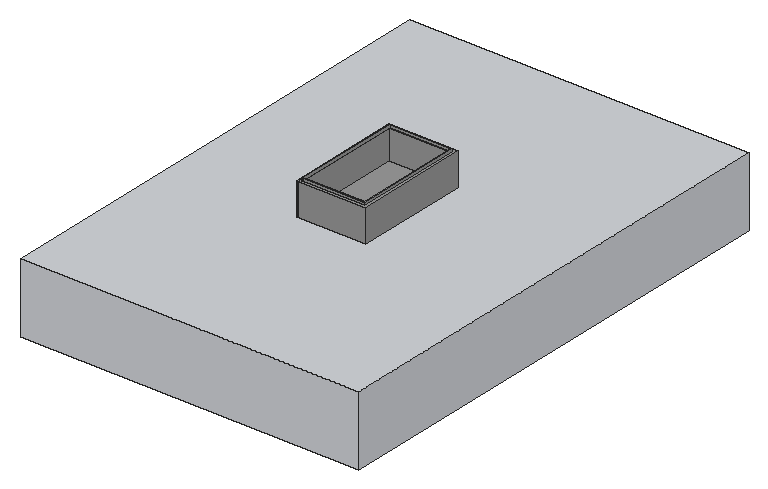
Revit family "Hager-Univers-IP30-D161-3rows-Cl.II-FWB_encl_empty-CH-it", category Equipement électrique, Revit 2020
Family settings
  Hôte = Face
  Configuration du panneau = Deux colonnes, circuits au sein
  Cote de connecteur circulaire = Utiliser le diamètre
  Type d'élément = Tableau de raccordement
  Couper avec des vides une fois chargée = Non
  Partagée = Non
  Point de calcul de pièce = Non
Parameters (values of type "A parete IP30 L300 A500 P161  - FWB31D1")
  Width Control [instance] = if([EF000008 - Larghezza] > Min Width, [EF000008 - Larghezza], Min Width)  # 300 mm
  Commentaires du type = [HG000003 - Gamma]  # "Univers"
  Thickness Door [instance] = if([EF009171 - spessore materiale porta/coperchio] > 3 mm, 3 mm, [EF009171 - spessore materiale porta/coperchio])  # 2 mm
  Seal Frame Offset [instance] = 17 mm  # constant formula
  Plinth Visibility [instance] = [HG000027 - Altezza dello zoccolo] > 0 mm  # no
  Model = ""
  Min Width [instance] = 100 mm  # constant formula
  Min Height [instance] = 100 mm  # constant formula
  Min Depth [instance] = (2 * [EF009170 - spessore materiale scatola]) + 1 mm  # 5 mm
  Internal Frame Depth [instance] = (Door System Depth * 0.5)  # 9 mm
  Height Control [instance] = if([EF000040 - Altezza] > Min Height, [EF000040 - Altezza], Min Height)  # 500 mm
  HG000027 - Altezza dello zoccolo = 0 mm
  HG000026 - A pavimento = no
  HG000024 - Altezza della sezione inferiore = 800 mm
  HG000023 - Custodia a doppia sezione = no
  HG000016 - Visibilità delle porte nella vista 3D [instance] = yes
  HG000015 - Visibilità attraverso la porta [instance] = no
  HG000014 - Porta destra [instance] = yes
  HG000013 - Porta sinistra [instance] = not([HG000014 - Porta destra])  # no
  HG000012 - Angolo di apertura della porta [instance] = 30.00°
  HG000010 - Porte asimmetriche = no
  HG000009 - Porta doppia a battente = no
  HG000006 - Ad incasso = no
  HG000004 - Codice produttore = "FWB31D1"
  HG000003 - Gamma = "Univers"
  HG000002 - Con porta = no
  Frame Offset Bottom [instance] = 10 mm  # constant formula
  Frame Offset [instance] = 15 mm  # constant formula
  EF015940 - Coprire con rilascio di sovrapressione = no
  EF011959 - tipo di protezione (NEMA) = ""
  EF009554 - numero delle aperture per la piastra della flangia = 2
  Fabricant = "Hager"  # constant formula
  EF009212 - esecuzione coperchio = "EV009916 - con taglio"
  EF009171 - spessore materiale porta/coperchio = 2 mm
  EF009170 - spessore materiale scatola = 2 mm
  EF008873 - corrente nominale (In) = 125 A
  EF007800 - adatto per parafulmine = no
  EF006306 - con serratura = no
  EF006244 - coperchio/porta trasparente = no
  EF005474 - grado di protezione (IP) = "EV006410 - IP30"
  EF004464 - tipo di porta = "EV000494 - senza"
  EF004427 - numero di moduli = 36
  EF004293 - resistenza agli urti = "EV006815 - IK09"
  EF003532 - adatto per uso esterno = no
  EF002950 - Numero moduli DIN = 12
  EF001613 - Integrità del circuito = "EV000494 - senza"
  EF001596 - Attacco Lampada = "EV000179 - acciaio"
  EF001131 - profondità interna = 156 mm
  EF001088 - possibilità di applicazione = yes
  EF000437 - numero di ingressi per conduttori = 4
  EF000339 - tipo di copertura = "EV000494 - senza"
  EF000266 - numero di file = 0
  EF000218 - profondità di incasso = 0 mm
  EF000118 - con piastra di montaggio = no
  EF000116 - numero RAL = "9010"
  EF000049 - profondità = 161 mm
  EF000040 - Altezza = 500 mm
  EF000008 - Larghezza = 300 mm
  EF000007 - colore = "EV000202 - bianco"
  EF000003 - Tipo di montaggio = "EV000384 - A parete"
  Door System Leaf Tolerance [instance] = 1.5 mm  # constant formula
  Door System Depth [instance] = 18 mm  # constant formula
  Door Height [instance] = Height Control - [HG000027 - Altezza dello zoccolo]  # 500 mm
  Depth Control [instance] = if([EF000049 - profondità] > Min Depth, [EF000049 - profondità], Min Depth)  # 161 mm
  Default Elevation = 0 mm
  Connector Offset [instance] = Height Control / 2  # 250 mm
  Bottom Top Plate Trim [instance] = 1.5 mm  # constant formula
  Plinth height Ctrl [instance] = if([HG000027 - Altezza dello zoccolo] > 0 mm, [HG000027 - Altezza dello zoccolo], 12 mm)  # 12 mm
Reference planes
  plane 1 "Center (Front/Back)": y = 0
  plane 2: z = 0
  plane 3 "Center (Left/Right)": x = 0
  plane 4: z = 161
  plane 5: y = 2
  plane 6: y = 250
  plane 7: y = 0
  plane 8: y = 500
  plane 9: z = 0
  plane 10: x = -135
  plane 11: x = 135
  plane 12: x = 133
  plane 13: x = -133
  plane 14: y = 498
  plane 15: x = -133
  plane 16: x = -150
  plane 17: x = 133
  plane 18: x = 150
  plane 19: x = 148
  plane 20: x = -148
  plane 21: y = 12
  plane 22: y = 500
  plane 23: y = 483
  plane 24: z = 143
  plane 25: z = 2
  plane 26: z = 141
  plane 27: z = 159
Forms (mm)
  Extrusion 1, solid
    sketch origin (0, 0, 0) x (1, 0, 0) y (0, 1, 0)
      loop
        line (-702.964, 1305) -> (-702.964, -811.445) -> (766.763, -811.445) -> (766.763, 1305) -> (-702.964, 1305)
    from 0 to -304.8
  Extrusion 2, solid, material "Hager_Steel_RAL7035_Light_Grey", visible <- "Plinth Visibility", detail levels medium+fine
    sketch origin (0, 0, 0) x (1, 0, 0) y (0, 1, 0)
      loop
        line (-150, 0) -> (150, 0) -> (150, 12) -> (-150, 12) -> (-150, 0)
    from 0 to 143
  Extrusion 3, solid, material "Hager_Steel_RAL7035_Light_Grey", detail levels medium+fine
    sketch origin (0, 0, 0) x (1, 0, 0) y (0, 1, 0)
      loop
        line (-150, 0) -> (150, 0) -> (150, 500) -> (-150, 500) -> (-150, 0)
    from 0 to 143
  Extrusion 4, void
    sketch origin (0, 0, 0) x (1, 0, 0) y (0, 1, 0)
      loop
        line (-148, 2) -> (148, 2) -> (148, 498) -> (-148, 498) -> (-148, 2)
    from 2 to 141
  Extrusion 5, void
    sketch origin (-381.607, -4572, 143) x (0, -1, 0) y (-1, 0, 0)
      loop
        line (-4584, -248.607) -> (-5055, -248.607) -> (-5055, -514.607) -> (-4584, -514.607) -> (-4584, -248.607)
    from 0 to 2 <- "EF009170 - spessore materiale scatola"
  Extrusion 6, solid, material "Hager_Steel_RAL7035_Light_Grey", detail levels fine
    sketch origin (0, 0, 143) x (1, 0, 0) y (0, 1, 0)
      loop
        line (-133, 483) -> (-133, 12) -> (133, 12) -> (133, 483) -> (-133, 483)
      loop
        line (-135, 10) -> (135, 10) -> (135, 485) -> (-135, 485) -> (-135, 10)
    from 0 to 9 <- "Internal Frame Depth"
  Extrusion 7, solid, material "Hager_Steel_RAL7035_Light_Grey", detail levels coarse
    sketch origin (0, 0, 0) x (1, 0, 0) y (0, 1, 0)
      loop
        line (-150, 0) -> (150, 0) -> (150, 500) -> (-150, 500) -> (-150, 0)
    from 0 to 161
  Sweep 8, void
    path in 3D
      loop
        line (-150, 12, 0) -> (150, 12, 0) -> (150, 12, 143) -> (-150, 12, 143) -> (-150, 12, 0)
    profile origin (-150, 12, 71.5) x (-1, 0, 0) y (0, -1, 0)
      loop
        line (0, 0) -> (0, 1.5) -> (-1.5, 1.5)
        arc (-1.5, 1.5) -> (-1.061, 0.439) -> (0, 0) r 1.5
Cuts and joins
  Extrusion 4, Extrusion 5 cuts Extrusion 3
  Sweep 8 cuts Extrusion 2
Lines and regions (mm)
  Masking region 1
    outline origin (0, 0, 0) x (1, 0, 0) y (0, 0, 1)
      loop
        line (-150, 161) -> (-150, 0) -> (150, 0) -> (150, 161) -> (-150, 161)
  Masking region 2, detail levels medium+fine
    outline origin (0, 140, 0) x (0, 1, 0) y (0, 0, 1)
      loop
        line (-140, 0) -> (360, 0) -> (360, 143) -> (-140, 143) -> (-140, 0)
  Masking region 3, not visible, detail levels medium+fine
    outline origin (0, 297.922, 0) x (0, 1, 0) y (0, 0, 1)
      loop
        line (-36.422, 0) -> (3.578, 0) -> (3.578, 149)
        arc (3.578, 149) -> (0.649, 156.071) -> (-6.422, 159) r 10
        line (-6.422, 159) -> (-36.422, 159) -> (-36.422, 0)
  Masking region 4, detail levels coarse
    outline origin (0, 0, 180) x (0, 1, 0) y (0, 0, 1)
      loop
        line (0, -180) -> (500, -180) -> (500, -19) -> (0, -19) -> (0, -180)
  Masking region 5, visible <- "Plinth Visibility", detail levels medium+fine
    outline origin (0, 52.24, 12.345) x (0, 0, -1) y (0, 1, 0)
      loop
        line (10.845, -40.24) -> (-129.155, -40.24)
        arc (-129.155, -40.24) -> (-129.594, -41.301) -> (-130.655, -41.74) r 1.5
        line (-130.655, -41.74) -> (-130.655, -52.24) -> (12.345, -52.24) -> (12.345, -41.74)
        arc (12.345, -41.74) -> (11.285, -41.301) -> (10.845, -40.24) r 1.5
  Masking region 6, detail levels medium+fine
    outline origin (-381.607, -4572, 143) x (-1, 0, 0) y (0, -1, 0)
      loop
        line (-231.607, -5072) -> (-231.607, -4572) -> (-531.607, -4572) -> (-531.607, -5072) -> (-231.607, -5072)
  Masking region 7, visible <- "Plinth Visibility", detail levels medium+fine
    outline origin (-381.607, -4727, 143) x (-1, 0, 0) y (0, -1, 0)
      loop
        arc (-233.107, -4739) -> (-232.668, -4737.939) -> (-231.607, -4737.5) r 1.5
        line (-231.607, -4737.5) -> (-231.607, -4727) -> (-531.607, -4727) -> (-531.607, -4737.5)
        arc (-531.607, -4737.5) -> (-530.546, -4737.939) -> (-530.107, -4739) r 1.5
        line (-530.107, -4739) -> (-233.107, -4739)
  Masking region 8, detail levels coarse
    outline origin (-442.548, -4669.526, 143) x (-1, 0, 0) y (0, -1, 0)
      loop
        line (-292.548, -5169.526) -> (-292.548, -4669.526) -> (-592.548, -4669.526) -> (-592.548, -5169.526) -> (-292.548, -5169.526)
  sketch lines
    curve 1: line (-150, 12, 143) -> (-150, 12, 0)
    curve 2: line (150, 12, 143) -> (-150, 12, 143)
    curve 3: line (150, 12, 143) -> (150, 12, 0)
    curve 4: line (-150, 12, 0) -> (150, 12, 0)
Dimensions and locks
  "Depth Control": plane 4 to Extrusion 1
  "HG000027 - Altezza dello zoccolo": plane 1 "Center (Front/Back)" to plane 7
  "EF009170 - spessore materiale scatola": plane 5 to plane 7
  locked: connector elem to plane 3 "Center (Left/Right)"
  equal spacing: plane 8, plane 6, plane 7
  locked: connector elem to plane 6
  "EF009170 - spessore materiale scatola": plane 8 to plane 14
  "EF009170 - spessore materiale scatola": plane 10 to plane 13
  "EF009170 - spessore materiale scatola": plane 12 to plane 11
  "Frame Offset": plane 20 to plane 13
  "Frame Offset": plane 12 to plane 19
  "EF009170 - spessore materiale scatola": plane 16 to plane 20
  "EF009170 - spessore materiale scatola": plane 19 to plane 18
  "Seal Frame Offset": plane 16 to plane 15
  "Seal Frame Offset": plane 17 to plane 18
  "Frame Offset Bottom": plane 21 to plane 5
  "Frame Offset": plane 14 to plane 23
  equal spacing: plane 16, plane 3 "Center (Left/Right)", plane 18
  "Width Control": plane 16 to plane 18
  "EF009170 - spessore materiale scatola": plane 4 to plane 27
  "EF009170 - spessore materiale scatola": plane 24 to plane 26
  "EF009170 - spessore materiale scatola": plane 25 to level
  "Door System Depth": plane 4 to plane 24
  "Height Control": plane 1 "Center (Front/Back)" to Extrusion 7 sketch curve
  "Height Control": Masking region 4 sketch curve to plane 1 "Center (Front/Back)"
  "Height Control": plane 1 "Center (Front/Back)" to plane 22
  "Bottom Top Plate Trim": profile plane to Sweep 8 sketch curve
  "Bottom Top Plate Trim": Sweep 8 sketch curve to profile plane
  "Plinth height Ctrl": plane 1 "Center (Front/Back)" to Extrusion 2 sketch curve
  "Plinth height Ctrl": Masking region 5 sketch curve to plane 1 "Center (Front/Back)"
  "Plinth height Ctrl": plane 1 "Center (Front/Back)" to Masking region 7 sketch curve
  "Thickness Door": Extrusion 6 sketch curve to Extrusion 6 sketch curve  (x3)
  "Thickness Door": cut or joined group of Extrusion 3, Extrusion 4, Extrusion 5 to Extrusion 6 sketch curve
  radius of Masking region 3 sketch curve = 10 mm
  "Bottom Top Plate Trim": radius of Masking region 5 sketch curve  (x2)
  "Bottom Top Plate Trim": radius of Sweep 8 sketch curve
  "Bottom Top Plate Trim": radius of Masking region 7 sketch curve  (x2)
  aligned and locked: plane 2 to Extrusion 1
  aligned and locked: level to Extrusion 1
  aligned and locked: level to Masking region 1 sketch curve
  aligned and locked: Masking region 1 sketch curve to plane 18
  aligned and locked: Masking region 1 sketch curve to plane 16
  aligned and locked: plane 7 to Masking region 2 sketch curve
  aligned and locked: level to Masking region 3 sketch curve
  aligned and locked: Masking region 3 sketch curve to plane 27
  aligned and locked: level to Masking region 2 sketch curve
  aligned and locked: plane 1 "Center (Front/Back)" to Extrusion 2 sketch curve
  aligned and locked: Extrusion 3 sketch curve to plane 7
  aligned and locked: plane 16 to Extrusion 3 sketch curve
  aligned and locked: plane 18 to Extrusion 3 sketch curve
  aligned and locked: plane 20 to Extrusion 4 sketch curve
  aligned and locked: plane 19 to Extrusion 4 sketch curve
  aligned and locked: Extrusion 4 sketch curve to plane 5
  aligned and locked: Extrusion 4 to plane 25
  aligned and locked: plane 26 to Extrusion 4
  aligned and locked: plane 24 to Extrusion 3
  aligned and locked: plane 21 to Extrusion 5 sketch curve
  aligned and locked: Extrusion 5 sketch curve to plane 13
  aligned and locked: Extrusion 5 sketch curve to plane 12
  aligned and locked: plane 18 to Extrusion 7 sketch curve
  aligned and locked: plane 1 "Center (Front/Back)" to Extrusion 7 sketch curve
  aligned and locked: plane 16 to Extrusion 7 sketch curve
  aligned and locked: plane 4 to Extrusion 7
  aligned and locked: Extrusion 7 to level
  aligned and locked: level to Masking region 4 sketch curve
  aligned and locked: Masking region 4 sketch curve to plane 1 "Center (Front/Back)"
  aligned and locked: Masking region 4 sketch curve to plane 4
  aligned and locked: nested 1 to level
  aligned and locked: nested 1 to plane 16
  aligned and locked: plane 8 to Extrusion 3 sketch curve
  aligned and locked: plane 23 to Extrusion 5 sketch curve
  aligned and locked: plane 14 to Extrusion 4 sketch curve
  aligned and locked: Masking region 2 sketch curve to plane 8
  aligned and locked: level to Masking region 5 sketch curve
  aligned and locked: plane 16 to Extrusion 2 sketch curve
  aligned and locked: plane 18 to Extrusion 2 sketch curve
  aligned and locked: Masking region 5 sketch curve to plane 24
  aligned and locked: Masking region 2 sketch curve to plane 24
  aligned and locked: plane 24 to Extrusion 2
  aligned and locked: profile plane to Sweep 8 sketch curve  (x2)
  aligned and locked: Masking region 6 sketch curve to plane 18
  aligned and locked: Masking region 6 sketch curve to plane 22
  aligned and locked: Masking region 6 sketch curve to plane 16
  aligned and locked: plane 8 to plane 22
  aligned and locked: plane 7 to Masking region 6 sketch curve
  aligned and locked: Masking region 7 sketch curve to plane 16
  aligned and locked: Masking region 7 sketch curve to plane 1 "Center (Front/Back)"
  aligned and locked: Masking region 7 sketch curve to plane 18
  aligned and locked: Masking region 8 sketch curve to plane 1 "Center (Front/Back)"
  aligned and locked: Masking region 8 sketch curve to plane 18
  aligned and locked: Masking region 8 sketch curve to plane 22
  aligned and locked: Masking region 8 sketch curve to plane 16
  aligned and locked: nested 2 to plane 7
  aligned and locked: plane 3 "Center (Left/Right)" to nested 2
  aligned and locked: plane 24 to nested 2
  aligned and locked: Extrusion 6 sketch curve to cut or joined group of Extrusion 3, Extrusion 4, Extrusion 5  (x4)
Automatic sketch dimensions
  Extrusion 1 sketch curve to Extrusion 1 sketch curve = 1469.727 mm
  Extrusion 1 sketch curve to Extrusion 1 sketch curve = 2116.445 mm
  Masking region 1 sketch curve to plane 4 = 0 mm
  plane 6 to Masking region 3 sketch curve = 11.5 mm
  Masking region 3 sketch curve to Masking region 3 sketch curve = 30 mm
  Masking region 5 sketch curve to plane 1 "Center (Front/Back)" = 0 mm
Nested families
  nested 1: "Hager_Enclosure_Symbol" at (-150, 0, 0) x (1, 0, 0) z (0, -1, 0), Height <- "Depth Control", Width <- "Width Control", type "Hager_Enclosure_Symbol"
    with Width_Ctrl 300 mm, Width 300 mm, Height_Ctrl 161 mm, Height 161 mm, A_Width_Int 10.566 mm, A_Width 126.788 mm, A_Height_Ctrl 140.875 mm, A_Height 140.875 mm
  nested 2: "EC000058_Univers_Door" at (0, 0, 143) x (1, 0, 0) z (0, 1, 0), Leaf_Tolerance <- "Door System Leaf Tolerance", Angle <- "HG000012 - Angolo di apertura della porta", Door_Depth <- "Door System Depth", Door_Left <- "HG000013 - Porta sinistra", Transparent <- "EF006244 - coperchio/porta trasparente", Assymetrical <- "HG000010 - Porte asimmetriche", Width <- "Width Control", Clearance <- "HG000015 - Visibilità attraverso la porta", Double <- "HG000009 - Porta doppia a battente", 3d_Door <- "HG000016 - Visibilità delle porte nella vista 3D", Lock_Visibility <- "EF006306 - con serratura", Width_Ctrl <- "Width Control", Door_Right <- "HG000014 - Porta destra", Door <- "HG000002 - Con porta", Height <- "Door Height", Thickness <- "Thickness Door", type "EC000058_Univers_Door", detail levels medium+fine
    with min_wh 5 mm, Width_Ctrl 300 mm, Width 300 mm, Transparent no, Thickness 2 mm, Seal_Material Hager_Rubber, Lock_Visibility no, Lock_Material Hager_Plastic_RAL9005_Jet_Black, Leaf_Width 300 mm, Leaf_Tolerance_External_Sides 0 mm, Leaf_Tolerance 1.5 mm, Leaf_Offset 0 mm, Leaf_Height 497 mm, Leaf_2_Width 300 mm, Leaf_2_Offset 150 mm, Leaf_1_Width 300 mm, Leaf_1_Offset 150 mm, Height_Ctrl 500 mm, Height 500 mm, Glass_Material Hager_Glass, Double_Clearance_Ctrl no, Double no, Door_Right_Ctrl no, Door_Right yes, Door_Material Hager_Steel_RAL7035_Light_Grey, Door_Left_Ctrl no, Door_Left no, Door_Depth 18 mm, Door no, Clearance_Material Hager_Clearance, Clearance_Depth 300 mm, Clearance_Ctrl no, Clearance no, Assymetrical no, Angle 30.00°, 3d_Door yes
Connectors
  electrical at (0, 250, 0)
    settings: on plane 9, index 1, voltage 0 V, apparent load 0 VA, apparent load phase1 0 VA, apparent load phase2 0 VA, apparent load phase3 0 VA, power factor 1, load classification "Other", number of poles 1, system type 30, power factor state 1, is connector primary yes, connector utility no, sub classification motor no, connector description ""
Definition of nested family "Hager_Enclosure_Symbol"
  Parameters (values of type "Hager_Enclosure_Symbol")
    Width_Ctrl [instance] = if(Width > 1 mm, Width, 1 mm)  # 102.27 mm
    Width [instance] = 102.27 mm
    Height_Ctrl [instance] = if(Height > 1 mm, Height, 1 mm)  # 66.5 mm
    A_Width_Int [instance] = if(A_Width / 12 > 2 mm, A_Width / 12, 2 mm)  # 4.364 mm
    A_Width [instance] = if(A_Height_Ctrl * 0.9 > 2 mm, A_Height_Ctrl * 0.9, 2 mm)  # 52.369 mm
    A_Height_Ctrl [instance] = if(A_Height > 2 mm, A_Height, 2 mm)  # 58.188 mm
    Height [instance] = 66.5 mm
    A_Height [instance] = Height - (Height / 8)  # 58.188 mm
  Reference planes
    plane 1 "Centre (avant/arrière)": y = 0
    plane 2: z = 0
    plane 3 "Centre (gauche/droite)": x = 0
    plane 4: x = 52.369
    plane 5: y = 33.042
    plane 6: y = 41.77
    plane 7: y = 66.5
    plane 8: x = 26.184
    plane 9: y = 37.406
    plane 10: x = 102.27
    plane 11: y = 66.5
    plane 12: y = 8.313
  Lines and regions (mm)
    Filled region 1, type "Solid_Black", in view "Niveau de réf."
      outline origin (0, 0, 0) x (1, 0, 0) y (0, 1, 0)
        loop
          line (52.369, 66.5) -> (33.188, 54.536) -> (45.365, 45.006) -> (52.369, 66.5)
    Filled region 2, type "Solid_Black", in view "Niveau de réf."
      outline origin (0, 0, 0) x (1, 0, 0) y (0, 1, 0)
        loop
          line (0, 0) -> (102.27, 0) -> (102.27, 66.5) -> (0, 0)
    detail lines, in view "Niveau de réf."
      curve 1: line (0, 8.313, 0) -> (26.184, 41.77, 0)
      curve 2: line (26.184, 41.77, 0) -> (26.184, 33.042, 0)
      curve 3: line (26.184, 33.042, 0) -> (52.369, 66.5, 0)
  Dimensions and locks
    "A_Width": plane 3 "Centre (gauche/droite)" to plane 4
    equal spacing: plane 3 "Centre (gauche/droite)", plane 8, plane 4
    equal spacing: plane 6, plane 9, plane 5
    equal spacing: curve 3, Filled region 1 sketch curve, Filled region 1 sketch curve
    "Height_Ctrl": plane 1 "Centre (avant/arrière)" to plane 11
    "A_Height_Ctrl": plane 11 to plane 12
    equal spacing: plane 11, plane 9, plane 12
    "A_Width_Int": plane 6 to plane 9
    "Width_Ctrl": plane 3 "Centre (gauche/droite)" to plane 10
    angle Filled region 1 sketch curve to curve 3 = 20.00°
    angle curve 3 to Filled region 1 sketch curve = 20.00°
    locked: curve 3 to Filled region 1 sketch curve (angle 90.00°)
    aligned and locked: plane 10 to Filled region 2
    aligned and locked: plane 11 to Filled region 2 sketch curve
    aligned and locked: plane 10 to Filled region 2 sketch curve
    aligned and locked: plane 3 "Centre (gauche/droite)" to curve 1
    aligned and locked: plane 12 to curve 1
    aligned and locked: plane 7 to plane 11
  Automatic sketch dimensions
    Filled region 1 sketch curve to plane 4 = 0 mm
    Filled region 1 sketch curve to plane 7 = 0 mm
    plane 1 "Centre (avant/arrière)" to Filled region 2 sketch curve = 0 mm
    Filled region 2 sketch curve to plane 3 "Centre (gauche/droite)" = 0 mm
    curve 2 to plane 6 = 0 mm
    curve 2 to plane 8 = 0 mm
    curve 3 to plane 4 = 0 mm
    curve 2 to plane 5 = 0 mm
    curve 3 to plane 7 = 0 mm
Definition of nested family "EC000058_Univers_Door"
  Parameters (values of type "EC000058_Univers_Door")
    min_wh [instance] = (2 * Thickness) + 1 mm  # 11 mm
    Width_Ctrl [instance] = 400 mm
    Width [instance] = 500 mm
    Transparent [instance] = yes
    Thickness [instance] = 5 mm
    Seal_Material [instance] = none
    Lock_Visibility [instance] = yes
    Lock_Material [instance] = none
    Leaf_Width [instance] = if((Width_Ctrl - 2 * Leaf_Tolerance_External_Sides) > 0 mm, (Width_Ctrl - 2 * Leaf_Tolerance_External_Sides), min_wh)  # 400 mm
    Leaf_Tolerance_External_Sides [instance] = 0 mm  # constant formula
    Leaf_Tolerance [instance] = 1.5 mm
    Leaf_Offset [instance] = 0 mm  # constant formula
    Leaf_Height [instance] = if((Height_Ctrl - 2 * Leaf_Tolerance) > 0 mm, (Height_Ctrl - 2 * Leaf_Tolerance), min_wh)  # 497 mm
    Leaf_2_Width [instance] = if(and(and(Double, Assymetrical), Door_Left), (Leaf_Width / 3) - (Leaf_Tolerance / 2), if(and(and(Double, Assymetrical), Door_Right), (Leaf_Width / 3) * 2 - (Leaf_Tolerance / 2), if(and(Double, not(Assymetrical)), (Leaf_Width / 2) - Leaf_Tolerance, Leaf_Width)))  # 400 mm
    Leaf_2_Offset [instance] = if(and(Double, Assymetrical), Leaf_2_Width / 2, if(and(Double, not(Assymetrical)), Leaf_Width / 4, Leaf_Width / 2))  # 200 mm
    Leaf_1_Width [instance] = if(and(and(Double, Assymetrical), Door_Right), (Leaf_Width / 3) - (Leaf_Tolerance / 2), if(and(and(Double, Assymetrical), Door_Left), (Width / 3) * 2 - (Leaf_Tolerance / 2), if(and(Double, not(Assymetrical)), (Leaf_Width / 2) - Leaf_Tolerance, Leaf_Width)))  # 400 mm
    Leaf_1_Offset [instance] = if(and(Double, Assymetrical), Leaf_1_Width / 2, if(and(Double, not(Assymetrical)), Leaf_Width / 4, Leaf_Width / 2))  # 200 mm
    Height_Ctrl [instance] = if(Height > min_wh, Height, min_wh)  # 500 mm
    Height [instance] = 500 mm
    Glass_Material [instance] = none
    Double_Clearance_Ctrl [instance] = and(Double, Clearance)  # no
    Double [instance] = no
    Door_Right_Ctrl [instance] = and(or(Door_Right, Double), Door)  # yes
    Door_Right [instance] = yes
    Door_Material [instance] = none
    Door_Left_Ctrl [instance] = and(or(Door_Left, Double), Door)  # no
    Door_Left [instance] = no
    Door_Depth [instance] = 30 mm
    Door [instance] = yes
    Default Elevation = 1219.2 mm
    Clearance_Material [instance] = none
    Clearance_Depth [instance] = if(Leaf_1_Width > Leaf_2_Width, Leaf_1_Width, Leaf_2_Width)  # 400 mm
    Clearance_Ctrl [instance] = and(not(Double), Clearance)  # yes
    Clearance [instance] = yes
    Assymetrical [instance] = yes
    Angle [instance] = 30.00°
    3d_Door [instance] = yes
  Reference planes
    plane 1 "Center (Front/Back)": y = 0
    plane 2 "Bottom": z = 0
    plane 3 "Center (Left/Right)": x = 0
    plane 4: z = 500
    plane 5: x = -200
    plane 6: x = 200
    plane 7: z = 500
    plane 8: x = -200
    plane 9: z = 0
    plane 10: x = 200
    plane 11: y = 0
    plane 12: z = 1.5
    plane 13: x = -600
    plane 14: y = -400
    plane 15: x = 600
    plane 16: x = 0
    plane 17: x = 0
    plane 18: x = -200
    plane 19: x = 200
    plane 20: z = 498.5
  Forms (mm)
    Extrusion 1, solid, material <- "Clearance_Material", visible <- "Double_Clearance_Ctrl"
      sketch origin (1200, 0, 0) x (1, 0, 0) y (0, 0, -1)
        loop
          line (-1800, -498.5) -> (-600, -498.5) -> (-600, 0) -> (-1800, 0) -> (-1800, -498.5)
      from 0 to -400
  Dimensions and locks
    equal spacing: plane 5, plane 3 "Center (Left/Right)", plane 6
    "Width_Ctrl": plane 5 to plane 6
    "Leaf_Offset": plane 5 to plane 8
    "Leaf_Offset": plane 6 to plane 10
    "Leaf_Offset": plane 9 to level
    "Leaf_Offset": plane 4 to plane 7
    "Height_Ctrl": plane 4 to level
    "Leaf_Tolerance": plane 12 to plane 9
    locked: plane 11 to plane 1 "Center (Front/Back)"
    "Leaf_1_Offset": plane 18 to plane 16
    "Leaf_2_Offset": plane 17 to plane 19
    "Leaf_1_Width": plane 13 to plane 8
    "Leaf_2_Width": plane 10 to plane 15
    "Clearance_Depth": plane 14 to plane 1 "Center (Front/Back)"
    "Leaf_Tolerance_External_Sides": plane 8 to plane 18
    "Leaf_Tolerance_External_Sides": plane 19 to plane 10
    "Leaf_Tolerance": plane 7 to plane 20
    aligned and locked: level to plane 2 "Bottom"
    aligned and locked: nested 1 to plane 16
    aligned and locked: nested 2 to plane 17
    aligned and locked: Extrusion 1 to plane 13
    aligned and locked: plane 15 to Extrusion 1
    aligned and locked: Extrusion 1 to plane 14
    aligned and locked: plane 12 to nested 1
    aligned and locked: nested 2 to plane 12
    aligned and locked: Extrusion 1 to plane 11
    aligned and locked: plane 20 to Extrusion 1
    aligned and locked: nested 2 to plane 11
    aligned and locked: nested 1 to plane 11
  Automatic sketch dimensions
    Extrusion 1 sketch curve to level = 0 mm
    plane 5 to Extrusion 1 sketch curve = 400 mm
    plane 6 to Extrusion 1 sketch curve = 400 mm
    Extrusion 1 sketch curve to plane 4 = 1.5 mm
  Nested families
    nested 1: "EC000058_Univers_Door_Leaf" at (0, 0, 1.5), Width <- "Leaf_1_Width", visible <- "Door_Left_Ctrl", Leaf_Height <- "Leaf_Height", Angle <- "Angle", 3d_Door <- "3d_Door", Transparent <- "Transparent", Clearance Material <- "Clearance_Material", Clearance <- "Clearance_Ctrl", Door_Material <- "Door_Material", Glass_Material <- "Glass_Material", Door_Depth <- "Door_Depth", Lock_Material <- "Lock_Material", Seal_Material <- "Seal_Material", Lock_Visibility <- "Lock_Visibility", Thickness <- "Thickness", type "EC000058_Univers_Door_Leaf"
      with Width 400 mm, Transparent_Glass_Offset 30 mm, Transparent_Ctrl yes, Transparent yes, Thickness 5 mm, Standard no, Seal_Material none, Seal_D2 8 mm, Seal_D1 1 mm, Offset_Internal_Frame 10 mm, Lock_Width 20 mm, Lock_Visibility_3d yes, Lock_Visibility yes, Lock_Thickness_3 3 mm, Lock_Thickness_2 1 mm, Lock_Thickness_1 3 mm, Lock_Radius_Offset_2 16 mm, Lock_Radius_Offset_1 15 mm, Lock_Radius_2 5 mm, Lock_Radius 6 mm, Lock_Offset 5 mm, Lock_Material none, Lock_Height 80 mm, Lock_Cover_Top_Offset_2d 17 mm, Lock_Cover_Height -65 mm, Leaf_Height 497 mm, Internal_Seal_Thickness 8 mm, Internal_Seal_Depth_2 4.5 mm, Internal_Frame_Depth 25 mm, Glass_Thickness -1 mm, Glass_Offset -2 mm, Glass_Material none, Door_Material none, Door_Depth 30 mm, Clearance Material none, Clearance yes, Angle_Ctrl 30.00°, Angle 30.00°, 3d_Door yes
    nested 2: "EC000058_Univers_Door_Leaf" at (0, 0, 1.5) x (-1, 0, 0) z (0, 0, 1), Width <- "Leaf_2_Width", visible <- "Door_Right_Ctrl", Leaf_Height <- "Leaf_Height", Angle <- "Angle", 3d_Door <- "3d_Door", Transparent <- "Transparent", Clearance Material <- "Clearance_Material", Clearance <- "Clearance_Ctrl", Door_Material <- "Door_Material", Glass_Material <- "Glass_Material", Door_Depth <- "Door_Depth", Lock_Material <- "Lock_Material", Seal_Material <- "Seal_Material", Lock_Visibility <- "Lock_Visibility", Thickness <- "Thickness", type "EC000058_Univers_Door_Leaf"
      with Width 400 mm, Transparent_Glass_Offset 30 mm, Transparent_Ctrl yes, Transparent yes, Thickness 5 mm, Standard no, Seal_Material none, Seal_D2 8 mm, Seal_D1 1 mm, Offset_Internal_Frame 10 mm, Lock_Width 20 mm, Lock_Visibility_3d yes, Lock_Visibility yes, Lock_Thickness_3 3 mm, Lock_Thickness_2 1 mm, Lock_Thickness_1 3 mm, Lock_Radius_Offset_2 16 mm, Lock_Radius_Offset_1 15 mm, Lock_Radius_2 5 mm, Lock_Radius 6 mm, Lock_Offset 5 mm, Lock_Material none, Lock_Height 80 mm, Lock_Cover_Top_Offset_2d 17 mm, Lock_Cover_Height -65 mm, Leaf_Height 497 mm, Internal_Seal_Thickness 8 mm, Internal_Seal_Depth_2 4.5 mm, Internal_Frame_Depth 25 mm, Glass_Thickness -1 mm, Glass_Offset -2 mm, Glass_Material none, Door_Material none, Door_Depth 30 mm, Clearance Material none, Clearance yes, Angle_Ctrl 30.00°, Angle 30.00°, 3d_Door yes
  Definition of nested family "EC000058_Univers_Door_Leaf"
    Parameters (values of type "EC000058_Univers_Door_Leaf")
      Width [instance] = 2000 mm
      Transparent_Glass_Offset [instance] = 30 mm
      Transparent_Ctrl [instance] = and(Transparent, [3d_Door])  # yes
      Transparent [instance] = yes
      Thickness [instance] = 5 mm
      Standard [instance] = and(not(Transparent), [3d_Door])  # no
      Seal_Material [instance] = none
      Seal_D2 [instance] = 8 mm  # constant formula
      Seal_D1 [instance] = 1 mm  # constant formula
      Offset_Internal_Frame [instance] = 10 mm  # constant formula
      Lock_Width [instance] = 20 mm  # constant formula
      Lock_Visibility_3d [instance] = and(Lock_Visibility, [3d_Door])  # yes
      Lock_Visibility [instance] = yes
      Lock_Thickness_3 [instance] = 3 mm  # constant formula
      Lock_Thickness_2 [instance] = 1 mm  # constant formula
      Lock_Thickness_1 [instance] = 3 mm  # constant formula
      Lock_Radius_Offset_2 [instance] = Lock_Radius_Offset_1 + 1 mm  # 16 mm
      Lock_Radius_Offset_1 [instance] = 15 mm  # constant formula
      Lock_Radius_2 [instance] = Lock_Radius - 1 mm  # 5 mm
      Lock_Radius [instance] = 6 mm  # constant formula
      Lock_Offset [instance] = 5 mm  # constant formula
      Lock_Material [instance] = none
      Lock_Height [instance] = 80 mm  # constant formula
      Lock_Cover_Top_Offset_2d [instance] = Lock_Radius_Offset_2 + 1 mm  # 17 mm
      Lock_Cover_Height [instance] = -(Lock_Height - Lock_Radius_Offset_1)  # -65 mm
      Leaf_Height [instance] = 2720.336 mm
      Internal_Seal_Thickness [instance] = 8 mm  # constant formula
      Internal_Seal_Depth_2 [instance] = 4.5 mm  # constant formula
      Internal_Frame_Depth [instance] = if(Door_Depth - Thickness > 5 mm, Door_Depth - Thickness, 5 mm)  # 25 mm
      Glass_Thickness [instance] = if(Thickness > 15 mm, Glass_Offset + 10 mm, -1 mm)  # -1 mm
      Glass_Offset [instance] = if(Thickness > 15 mm, -(Thickness + 10 mm) / 2, -2 mm)  # -2 mm
      Glass_Material [instance] = none
      Door_Material [instance] = none
      Door_Depth [instance] = 30 mm
      Default Elevation = 0 mm
      Clearance Material [instance] = none
      Clearance [instance] = yes
      Angle_Ctrl [instance] = if(Angle > 180.00°, 180.00°, Angle)  # 90.00°
      Angle [instance] = 90.00°
      3d_Door [instance] = yes
    Reference planes
      plane 1 "Center (Front/Back)": y = 0
      plane 2: z = 0
      plane 3 "Center (Left/Right)": x = 0
      plane 4: y = 2000
      plane 5: x = -1000
      plane 6: x = 1000
      plane 7: x = -3000
      plane 8: z = 2720.336
      plane 9: z = 30
      plane 10: z = 2690.336
      plane 11: x = 970
      plane 12: x = -970
      plane 13: y = -3
      plane 14: z = 107.833
      plane 15: y = -5
      plane 16: y = -223.314
      plane 17: x = -1000
      plane 18: z = 1360.168
      plane 19: y = 30
    Forms (mm)
      Extrusion 1, solid, material <- "Clearance Material", visible <- "Clearance"
        sketch origin (0, 0, 0) x (1, 0, 0) y (0, 0, 1)
          loop
            line (-3000, 2720.336) -> (-3000, 0) -> (1000, 0) -> (1000, 2720.336) -> (-3000, 2720.336)
        from 0 to -2000
      Extrusion 2, solid, material <- "Door_Material", visible <- "Standard", detail levels medium+fine
        sketch origin (-1000, 0, 0) x (0, 1, 0) y (-1, 0, 0)
          loop
            line (0, 30) -> (0, 25) -> (2000, 25) -> (2000, 30) -> (0, 30)
        from 0 to 2720.336 <- "Leaf_Height"
      Extrusion 3, solid, material <- "Door_Material", visible <- "Transparent_Ctrl", detail levels medium+fine
        sketch origin (-1000, 0, 0) x (0, 1, 0) y (-1, 0, 0)
          loop
            line (0, 25) -> (2000, 25) -> (2000, 30) -> (0, 30) -> (0, 25)
        from 0 to 2720.336 <- "Leaf_Height"
      Extrusion 4, void
        sketch origin (-1025, 2000, 0) x (0, 1, 0) y (0, 0, -1)
          loop
            line (-30, -2690.336) -> (-30, -30) -> (-1970, -30) -> (-1970, -2690.336) -> (-30, -2690.336)
        from 0 to 5 <- "Thickness"
      Sweep 5, solid, material <- "Seal_Material", visible <- "Transparent_Ctrl", detail levels fine
        path in 3D
          loop
            line (-1025, 30, 30) -> (-1025, 30, 2690.336) -> (-1025, 1970, 2690.336) -> (-1025, 1970, 30) -> (-1025, 30, 30)
        profile origin (-1025, 1000, 30) x (1, 0, 0) y (0, 0, 1)
          loop
            line (0, 0) -> (0, -8) -> (1, -8) -> (1, 0) -> (0, 0)
      Extrusion 6, solid, material <- "Glass_Material", visible <- "Transparent_Ctrl", detail levels medium+fine
        sketch origin (-1030, 0, 0) x (0, 1, 0) y (0, 0, -1)
          loop
            line (1970, -2690.336) -> (1970, -30) -> (30, -30) -> (30, -2690.336) -> (1970, -2690.336)
        from -2 <- "Glass_Offset" to -1 <- "Glass_Thickness"
      Extrusion 7, solid, material <- "Door_Material", visible <- "3d_Door", detail levels medium+fine
        sketch origin (-1025, 2000, 0) x (0, -1, 0) y (0, 0, -1)
          loop
            line (0, -2720.336) -> (2000, -2720.336) -> (2000, 0) -> (0, 0) -> (0, -2720.336)
          loop
            line (1995, -5) -> (5, -5) -> (5, -2715.336) -> (1995, -2715.336) -> (1995, -5)
        from 0 to 25 <- "Internal_Frame_Depth"
      Sweep 8, solid, material <- "Seal_Material", visible <- "Transparent_Ctrl", detail levels fine
        path in 3D
          loop
            line (-1025, 0, 0) -> (-1025, 2000, 0) -> (-1025, 2000, 2720.336) -> (-1025, 0, 2720.336) -> (-1025, 0, 0)
        profile origin (-1025, 0, 1360.168) x (1, 0, 0) y (0, 1, 0)
          loop
            line (0, 10) -> (2.975, 10)
            arc (2.975, 10) -> (4.053, 10.447) -> (4.5, 11.525) r 1.525
            line (4.5, 11.525) -> (4.5, 16.527)
            arc (4.5, 16.527) -> (4.069, 17.569) -> (3.027, 18) r 1.473
            line (3.027, 18) -> (0, 18) -> (0, 10)
      Extrusion 9, solid, material <- "Lock_Material", visible <- "Lock_Visibility_3d", detail levels fine
        sketch origin (-1030, 0, 0) x (0, 1, 0) y (0, 0, -1)
          loop
            arc (1993.5, -1400.168) -> (1994.561, -1399.729) -> (1995, -1398.668) r 1.5
            line (1995, -1398.668) -> (1995, -1320.168) -> (1975, -1320.168) -> (1975, -1398.668)
            arc (1975, -1398.668) -> (1975.439, -1399.729) -> (1976.5, -1400.168) r 1.5
            line (1976.5, -1400.168) -> (1993.5, -1400.168)
        from 3 <- "Lock_Thickness_1" to 0
      Blend 10, solid, material <- "Lock_Material", visible <- "Lock_Visibility_3d", detail levels fine
        base sketch origin (-1033, 0, 0) x (0, 1, 0) y (0, 0, -1)
          loop
            line (1975, -1320.168) -> (1975, -1398.668)
            arc (1975, -1398.668) -> (1975.439, -1399.729) -> (1976.5, -1400.168) r 1.5
            line (1976.5, -1400.168) -> (1993.5, -1400.168)
            arc (1993.5, -1400.168) -> (1994.561, -1399.729) -> (1995, -1398.668) r 1.5
            line (1995, -1398.668) -> (1995, -1320.168) -> (1975, -1320.168)
        top sketch origin (-1033, 0, 0) x (0, 1, 0) y (0, 0, -1)
          loop
            line (1976, -1320.168) -> (1976, -1398.668)
            arc (1976, -1398.668) -> (1976.146, -1399.022) -> (1976.5, -1399.168) r 0.5
            line (1976.5, -1399.168) -> (1993.5, -1399.168)
            arc (1993.5, -1399.168) -> (1993.854, -1399.022) -> (1994, -1398.668) r 0.5
            line (1994, -1398.668) -> (1994, -1320.168) -> (1976, -1320.168)
        from 0 to 1 <- "Lock_Thickness_2"
      Blend 11, solid, material <- "Lock_Material", visible <- "Lock_Visibility_3d", detail levels fine
        base sketch origin (-1034, 0, 0) x (0, 1, 0) y (0, 0, -1)
          loop
            line (1978, -1320.168) -> (1978, -1384.168)
            arc (1978, -1384.168) -> (1985, -1391.168) -> (1992, -1384.168) r 7
            line (1992, -1384.168) -> (1992, -1320.168) -> (1978, -1320.168)
        top sketch origin (-1034, 0, 0) x (0, 1, 0) y (0, 0, -1)
          loop
            line (1991, -1320.168) -> (1979, -1320.168) -> (1979, -1383.168)
            arc (1979, -1383.168) -> (1985, -1389.168) -> (1991, -1383.168) r 6
            line (1991, -1383.168) -> (1991, -1320.168)
        from 0 to 3 <- "Lock_Thickness_3"
      Extrusion 12, solid, material <- "Lock_Material", visible <- "Lock_Visibility_3d", detail levels fine
        sketch origin (-1030, 1975, 1320.168) x (1, 0, 0) y (0, -1, 0)
          loop
            line (-7, -19) -> (-7, -1) -> (0, -1) -> (0, 0) -> (-8, 0) -> (-8, -20) -> (0, -20) -> (0, -19) -> (-7, -19)
        from 0 to -65 <- "Lock_Cover_Height"
      Extrusion 13, void
        sketch origin (-1038, 1995, 1320.168) x (-1, 0, 0) y (0, 0, -1)
          loop
            line (-5, -65) -> (0, -65) -> (-5, -60) -> (-5, -65)
        from 0 to 20 <- "Lock_Width"
      Extrusion 14, void
        sketch origin (-1038, 1975, 1320.168) x (0, -1, 0) y (0, 0, -1)
          loop
            circle (-10, -15.995) r 6
          loop
            circle (-10, -15.995) r 5
        from 0 to 2
      Extrusion 15, solid, material <- "Lock_Material", visible <- "Lock_Visibility_3d", detail levels medium
        sketch origin (-1030, 0, 0) x (0, 1, 0) y (0, 0, -1)
          loop
            arc (1993.5, -1400.168) -> (1994.561, -1399.729) -> (1995, -1398.668) r 1.5
            line (1995, -1398.668) -> (1995, -1320.168) -> (1975, -1320.168) -> (1975, -1398.668)
            arc (1975, -1398.668) -> (1975.439, -1399.729) -> (1976.5, -1400.168) r 1.5
            line (1976.5, -1400.168) -> (1993.5, -1400.168)
        from 8 to 0
    Cuts and joins
      Extrusion 4 cuts Extrusion 3
      Extrusion 13, Extrusion 14 cuts Extrusion 9
      Extrusion 14 cuts Blend 11
      Extrusion 13, Extrusion 14 cuts Extrusion 12
      joined: Extrusion 9, Blend 10, Blend 11, Extrusion 12
      Extrusion 14 cuts Extrusion 15
    Lines and regions (mm)
      Masking region 1, visible <- "Lock_Visibility", detail levels fine
        outline origin (0, 0, 0) x (0, 1, 0) y (0, 0, 1)
          loop
            line (30, 1320.168) -> (33, 1320.168) -> (33, 1400.168) -> (30, 1400.168) -> (30, 1320.168)
      Masking region 2, visible <- "Lock_Visibility", detail levels fine
        outline origin (0, 3.143, 0) x (0, 1, 0) y (0, 0, 1)
          loop
            line (29.857, 1354.168) -> (30.857, 1354.168) -> (30.857, 1366.168) -> (29.857, 1366.168) -> (29.857, 1354.168)
      Masking region 3, detail levels medium+fine
        outline origin (0, 0, 0) x (0, 1, 0) y (0, 0, 1)
          loop
            line (0, 0) -> (30, 0) -> (30, 2720.336) -> (0, 2720.336) -> (0, 0)
      Masking region 4, detail levels medium+fine
        outline origin (0, 0, 0) x (1, 0, 0) y (0, 0, 1)
          loop
            line (-1000, 2720.336) -> (-1000, 0) -> (1000, 0) -> (1000, 2720.336) -> (-1000, 2720.336)
      Masking region 5, visible <- "Lock_Visibility", detail levels fine
        outline origin (-47.116, 0, 0) x (1, 0, 0) y (0, 0, 1)
          loop
            arc (1024.616, 1399.168) -> (1023.556, 1398.729) -> (1023.116, 1397.668) r 1.5
            line (1023.116, 1397.668) -> (1023.116, 1320.168) -> (1041.116, 1320.168) -> (1041.116, 1397.668)
            arc (1041.116, 1397.668) -> (1040.677, 1398.729) -> (1039.616, 1399.168) r 1.5
            line (1039.616, 1399.168) -> (1024.616, 1399.168)
      Masking region 6, visible <- "Lock_Visibility", detail levels medium+fine
        outline origin (-25, 0, 0) x (1, 0, 0) y (0, 0, 1)
          loop
            arc (1001.5, 1400.168) -> (1000.439, 1399.729) -> (1000, 1398.668) r 1.5
            line (1000, 1398.668) -> (1000, 1320.168) -> (1020, 1320.168) -> (1020, 1398.668)
            arc (1020, 1398.668) -> (1019.561, 1399.729) -> (1018.5, 1400.168) r 1.5
            line (1018.5, 1400.168) -> (1001.5, 1400.168)
      Masking region 7, visible <- "Lock_Visibility", detail levels fine
        outline origin (-73.735, 0, 0) x (1, 0, 0) y (0, 0, 1)
          loop
            line (1051.735, 1382.168) -> (1065.735, 1382.168) -> (1065.735, 1384.168)
            arc (1065.735, 1384.168) -> (1058.735, 1391.168) -> (1051.735, 1384.168) r 7
            line (1051.735, 1384.168) -> (1051.735, 1382.168)
      Masking region 8, visible <- "Lock_Visibility", detail levels fine
        outline origin (-73.735, 0, 0) x (1, 0, 0) y (0, 0, 1)
          loop
            line (1052.735, 1382.168) -> (1064.735, 1382.168) -> (1064.735, 1383.168)
            arc (1064.735, 1383.168) -> (1058.735, 1389.168) -> (1052.735, 1383.168) r 6
            line (1052.735, 1383.168) -> (1052.735, 1382.168)
      Masking region 9, visible <- "Lock_Visibility", detail levels fine
        outline origin (-25, 0, 0) x (1, 0, 0) y (0, 0, 1)
          loop
            line (1020, 1320.168) -> (1020, 1382.168) -> (1000, 1382.168) -> (1000, 1320.168) -> (1020, 1320.168)
      Masking region 10, detail levels medium+fine
        outline origin (0, 0, 0) x (1, 0, 0) y (0, 0, 1)
          loop
            circle (985, 1335.144) r 6
      Masking region 11, detail levels fine
        outline origin (0, 0, 0) x (1, 0, 0) y (0, 0, 1)
          loop
            circle (985, 1335.144) r 5
      Masking region 12, visible <- "Lock_Visibility", detail levels fine
        outline origin (0, 12.767, 0) x (0, 1, 0) y (0, 0, 1)
          loop
            line (20.233, 1320.168) -> (21.233, 1320.168) -> (21.233, 1399.168) -> (20.233, 1400.168) -> (20.233, 1320.168)
      Masking region 13, visible <- "Lock_Visibility", detail levels fine
        outline origin (0, 13.767, -10) x (0, 1, 0) y (0, 0, 1)
          loop
            line (20.233, 1330.168) -> (23.233, 1330.168) -> (23.233, 1399.168) -> (20.233, 1402.168) -> (20.233, 1330.168)
      Masking region 14, visible <- "Lock_Visibility", detail levels fine
        outline origin (0, 12.767, -10) x (0, 1, 0) y (0, 0, 1)
          loop
            line (20.233, 1330.168) -> (25.233, 1330.168) -> (25.233, 1399.305) -> (20.233, 1394.305) -> (20.233, 1330.168)
      Masking region 15, visible <- "Lock_Visibility", detail levels medium
        outline origin (0, 0, 0) x (0, 1, 0) y (0, 0, 1)
          loop
            line (30, 1320.168) -> (38, 1320.168) -> (38, 1400.168) -> (30, 1400.168) -> (30, 1320.168)
      Masking region 16, visible <- "Lock_Visibility", detail levels fine
        outline origin (-1000, 0, 0) x (0, 1, 0) y (-1, 0, 0)
          loop
            line (1975, 30) -> (1995, 30) -> (1995, 38) -> (1975, 38) -> (1975, 30)
          loop
            line (1979, 37) -> (1976, 37) -> (1976, 34) -> (1978, 34) -> (1979, 37)
          loop
            line (1994, 37) -> (1991, 37) -> (1992, 34) -> (1994, 34) -> (1994, 37)
      Masking region 17, visible <- "Lock_Visibility", detail levels medium
        outline origin (-1000, 0, 0) x (0, 1, 0) y (-1, 0, 0)
          loop
            line (1975, 30) -> (1995, 30) -> (1995, 38) -> (1975, 38) -> (1975, 30)
      symbolic lines
        curve 1: line (1000, 0, 0) -> (-3000, 0, 0)
        curve 2: arc (1000, 0, 0) -> (-1000, 2000, 0) -> (-3000, 0, 0) r 2000
        curve 4: line (-1030, 0, 0) -> (-1030, 2000, 0)
      reference lines
        curve 3: line (-1000, 0, 0) -> (-1000, 2000, 0)
      symbolic lines, detail levels medium+fine
        curve 5: line (-1030, 2000, 0) -> (-1025, 2000, 0)
        curve 7: line (-1025, 0, 0) -> (-1030, 0, 0)
        curve 8: line (-1025, 0, 0) -> (-1000, 0, 0)
        curve 9: line (-1000, 0, 0) -> (-1000, 2000, 0)
        curve 10: line (-1000, 2000, 0) -> (-1025, 2000, 0)
      symbolic lines, detail levels fine
        curve 6: line (-1025, 2000, 0) -> (-1025, 0, 0)
      sketch lines
        curve 11: line (-1025, 0, 2720.336) -> (-1025, 0, 0)
        curve 12: line (-1025, 2000, 0) -> (-1025, 0, 0)
        curve 13: line (-1025, 2000, 2720.336) -> (-1025, 2000, 0)
        curve 14: line (-1025, 0, 2720.336) -> (-1025, 2000, 2720.336)
        curve 15: line (-1025, 1970, 30) -> (-1025, 30, 30)
        curve 16: line (-1025, 30, 30) -> (-1025, 30, 2690.336)
        curve 17: line (-1025, 1970, 2690.336) -> (-1025, 1970, 30)
        curve 18: line (-1025, 30, 2690.336) -> (-1025, 1970, 2690.336)
      symbolic lines, visible <- "Transparent", detail levels medium+fine
        curve 19: line (-970, 0, 2690.336) -> (970, 0, 2690.336)
        curve 20: line (-970, 0, 30) -> (-970, 0, 2690.336)
        curve 21: line (970, 0, 30) -> (-970, 0, 30)
        curve 22: line (970, 0, 2690.336) -> (970, 0, 30)
    Dimensions and locks
      "Width": plane 1 "Center (Front/Back)" to plane 4
      equal spacing: plane 5, plane 3 "Center (Left/Right)", plane 6
      "Width": plane 5 to plane 6
      "Width": plane 7 to plane 5
      "Leaf_Height": plane 8 to level
      "Width": curve 5 to curve 3
      "Width": curve 3 to curve 3
      plane 8 to plane 10 = 30 mm
      plane 9 to level = 30 mm
      plane 12 to plane 5 = 30 mm
      plane 6 to plane 11 = 30 mm
      Extrusion 1 to Extrusion 4 sketch curve = 30 mm
      "Transparent_Glass_Offset": curve 3 to Extrusion 4 sketch curve
      "Transparent_Glass_Offset": Extrusion 4 sketch curve to cut or joined group of Extrusion 3, Extrusion 4  (x2)
      cut or joined group of Extrusion 3, Extrusion 4 to Extrusion 6 sketch curve = 30 mm
      "Transparent_Glass_Offset": cut or joined group of Extrusion 3, Extrusion 4 to Extrusion 4 sketch curve
      "Thickness": curve 6 to curve 4
      "Thickness": Extrusion 7 sketch curve to Extrusion 7 sketch curve  (x4)
      "Door_Depth": curve 4 to curve 3
      "Offset_Internal_Frame": profile plane to Sweep 8 sketch curve
      "Internal_Seal_Thickness": Sweep 8 sketch curve to Sweep 8 sketch curve
      "Internal_Seal_Depth_2": profile plane to Sweep 8 sketch curve
      "Seal_D1": profile plane to Sweep 5 sketch curve
      "Seal_D2": profile plane to Sweep 5 sketch curve
      "Thickness": Extrusion 2 sketch curve to Extrusion 2 sketch curve
      equal spacing: Extrusion 9 sketch curve, plane 18, Extrusion 9 sketch curve  (x2)
      equal spacing: Masking region 1 sketch curve, plane 18, Masking region 1 sketch curve
      "Lock_Height": Masking region 1 sketch curve to Masking region 1 sketch curve
      "Lock_Radius": Masking region 2 sketch curve to plane 18 to Masking region 2 sketch curve
      Masking region 2 sketch curve to Masking region 1 = 1 mm
      "Door_Depth": plane 19 to plane 1 "Center (Front/Back)"
      "Lock_Thickness_1": Masking region 1 sketch curve to plane 19
      "Lock_Width": Extrusion 9 sketch curve to Extrusion 9 sketch curve
      "Lock_Height": Extrusion 9 sketch curve to Extrusion 9 sketch curve
      "Lock_Offset": cut or joined group of Extrusion 3, Extrusion 4 to Extrusion 9 sketch curve
      equal spacing: plane 8, plane 18, level
      "Lock_Radius_Offset_1": Blend 11 sketch curve to Blend 10
      locked: Blend 10 to Blend 11 sketch curve at 2  (x2)
      locked: var sketch to Blend 11 sketch curve at 1  (x2)
      "Lock_Radius_Offset_2": Blend 11 sketch curve to Blend 10
      locked: Extrusion 12 sketch curve to Extrusion 12 sketch curve at 1  (x3)
      Masking region 6 sketch curve to Masking region 6 sketch curve = 80 mm
      "Lock_Height": Masking region 6 sketch curve to Masking region 6 sketch curve
      "Lock_Width": Masking region 6 sketch curve to Masking region 6 sketch curve
      locked: Masking region 6 to Masking region 5 sketch curve at 1  (x3)
      locked: Masking region 5 to Masking region 7 sketch curve at 2  (x2)
      "Lock_Radius_Offset_1": Masking region 5 to Masking region 7 sketch curve
      "Lock_Radius_Offset_2": Masking region 5 to Masking region 8 sketch curve
      locked: Masking region 7 to Masking region 8 sketch curve at 1  (x2)
      "Lock_Cover_Top_Offset_2d": Masking region 5 to Masking region 9 sketch curve
      equal spacing: Masking region 9, Masking region 10 sketch curve, Masking region 9
      equal spacing: Masking region 9, Masking region 11 sketch curve, Masking region 9
      Extrusion 15 sketch curve to Extrusion 15 sketch curve = 80 mm
      "Lock_Width": Extrusion 15 sketch curve to Extrusion 15 sketch curve
      "Lock_Height": Extrusion 15 sketch curve to Extrusion 15 sketch curve
      equal spacing: Extrusion 15 sketch curve, plane 18, Extrusion 15 sketch curve
      "Lock_Thickness_3": Masking region 13 sketch curve to Masking region 13 sketch curve
      "Lock_Height": Masking region 12 sketch curve to Masking region 12 sketch curve
      locked: Masking region 13 sketch curve to Masking region 1 at 8
      locked: Masking region 14 sketch curve to Masking region 13 at 1
      locked: Masking region 14 sketch curve to Masking region 1 at 10.863
      "Lock_Height": Masking region 15 sketch curve to Masking region 15 sketch curve
      "Lock_Offset": Extrusion 15 sketch curve to cut or joined group of Extrusion 3, Extrusion 4
      "Lock_Offset": plane 6 to Masking region 6 sketch curve
      radius of Sweep 8 sketch curve = 1.525 mm
      radius of Sweep 8 sketch curve = 1.473 mm
      radius of Extrusion 9 sketch curve = 1.5 mm  (x2)
      "Lock_Radius": radius of Extrusion 14 sketch curve
      "Lock_Radius_2": radius of Extrusion 14 sketch curve
      "Lock_Radius": radius of Masking region 10 sketch curve
      "Lock_Radius_2": radius of Masking region 11 sketch curve
      radius of Extrusion 15 sketch curve = 1.5 mm  (x2)
      "Angle_Ctrl": angle plane 1 "Center (Front/Back)" to curve 3
      locked: Masking region 12 sketch curve to Masking region 12 sketch curve (angle 45.00°)
      locked: Masking region 13 sketch curve to Masking region 13 sketch curve (angle 45.00°)
      locked: Masking region 14 sketch curve to Masking region 14 sketch curve (angle 45.00°)
      aligned and locked: level to plane 2
      aligned and locked: Extrusion 1 to curve 1
      aligned and locked: plane 6 to Extrusion 1
      aligned and locked: Extrusion 1 to plane 1 "Center (Front/Back)"
      aligned and locked: plane 4 to Extrusion 1
      aligned and locked: plane 8 to Extrusion 1
      aligned and locked: curve 7 to Extrusion 2 sketch curve
      aligned and locked: curve 5 to Extrusion 2 sketch curve
      aligned and locked: curve 7 to Extrusion 3 sketch curve
      aligned and locked: Extrusion 3 sketch curve to curve 4
      aligned and locked: Extrusion 3 sketch curve to curve 6
      aligned and locked: Extrusion 3 sketch curve to curve 5
      aligned and locked: curve 9 to curve 3
      aligned and locked: Extrusion 7 sketch curve to cut or joined group of Extrusion 3, Extrusion 4  (x4)
      aligned and locked: plane 17 to curve 3
      aligned and locked: plane 1 "Center (Front/Back)" to curve 3
      aligned and locked: plane 17 to plane 5
      aligned and locked: Sweep 8 sketch curve to profile plane
      aligned and locked: Sweep 5 sketch curve to profile plane  (x2)
      aligned and locked: Masking region 1 to Masking region 2 sketch curve
      aligned and locked: plane 19 to Masking region 1 sketch curve
      aligned and locked: plane 1 "Center (Front/Back)" to Masking region 3 sketch curve
      aligned and locked: plane 19 to Masking region 3 sketch curve
      aligned and locked: level to Masking region 3 sketch curve
      aligned and locked: Masking region 3 sketch curve to plane 8
      aligned and locked: plane 17 to Masking region 4 sketch curve
      aligned and locked: level to Masking region 4 sketch curve
      aligned and locked: Masking region 4 sketch curve to plane 8
      aligned and locked: plane 12 to curve 20
      aligned and locked: plane 10 to curve 19
      aligned and locked: plane 11 to curve 22
      aligned and locked: curve 21 to plane 9
      aligned and locked: Extrusion 2 sketch curve to cut or joined group of Extrusion 3, Extrusion 4
      aligned and locked: Blend 10 sketch curve to Extrusion 9  (x4)
      aligned and locked: Extrusion 9 to Blend 10 sketch curve
      aligned and locked: Blend 10 to Blend 11 sketch curve
      aligned and locked: Extrusion 12 sketch curve to Blend 11
      aligned and locked: Extrusion 12 sketch curve to Extrusion 9  (x4)
      aligned and locked: Masking region 5 sketch curve to Masking region 6
      aligned and locked: Masking region 9 sketch curve to Masking region 6  (x3)
      aligned and locked: Masking region 12 sketch curve to Masking region 1
      aligned and locked: Masking region 13 sketch curve to Masking region 1
      aligned and locked: Masking region 12 to Masking region 14
      aligned and locked: Masking region 14 sketch curve to Masking region 1
      aligned and locked: Masking region 15 sketch curve to Masking region 14
      aligned and locked: Masking region 13 sketch curve to Masking region 12
      aligned and locked: Masking region 16 sketch curve to cut or joined group of Extrusion 14, Extrusion 15  (x4)
      aligned and locked: Masking region 16 sketch curve to cut or joined group of Extrusion 9, Blend 10, Blend 11, Extrusion 12, Extrusion 13, Extrusion 14  (x6)
      aligned and locked: cut or joined group of Extrusion 9, Blend 10, Blend 11, Extrusion 12, Extrusion 13, Extrusion 14 to Masking region 16 sketch curve
      aligned and locked: Masking region 17 sketch curve to cut or joined group of Extrusion 14, Extrusion 15  (x3)
      aligned and locked: Masking region 17 sketch curve to cut or joined group of Extrusion 9, Blend 10, Blend 11, Extrusion 12, Extrusion 13, Extrusion 14
      aligned and locked: Masking region 9 to Masking region 8 sketch curve
      aligned and locked: Masking region 9 to Masking region 7 sketch curve
    Automatic sketch dimensions
      plane 1 "Center (Front/Back)" to curve 2 = 0 mm
      curve 2 to plane 5 = 0 mm
      Extrusion 1 sketch curve to level = 0 mm
      Extrusion 1 sketch curve to plane 7 = 0 mm
      Extrusion 1 sketch curve to plane 6 = 0 mm
      Extrusion 1 sketch curve to plane 8 = 0 mm
      Extrusion 3 to Extrusion 6 sketch curve = 30 mm  (x4)
      Masking region 4 sketch curve to plane 6 = 0 mm
      Blend 10 sketch curve to Extrusion 9 = 1.5 mm
      Blend 10 sketch curve to Extrusion 9 = 1 mm
      Extrusion 13 sketch curve to Extrusion 12 = 0 mm  (x2)
      Extrusion 12 to Extrusion 13 sketch curve = 3 mm
      Extrusion 13 sketch curve to Extrusion 12 = 5 mm
      Extrusion 14 sketch curve to Extrusion 14 sketch curve = 0 mm  (x2)
      Extrusion 14 sketch curve to Extrusion 12 = 10 mm
      Extrusion 14 sketch curve to Extrusion 12 = 15.995 mm
      Masking region 5 sketch curve to Masking region 5 sketch curve = 1.5 mm  (x2)
      Masking region 10 sketch curve to plane 18 = 25.024 mm
      Masking region 11 sketch curve to plane 18 = 25.024 mm
      plane 19 to Masking region 14 sketch curve = 3 mm
      Masking region 16 sketch curve to Masking region 16 sketch curve = 3 mm
      curve 4 to curve 3 = 0 mm
      Blend 10 to Blend 11 sketch curve = 0 mm
      Masking region 6 sketch curve to Masking region 6 sketch curve = 1.5 mm  (x2)
      Masking region 6 sketch curve to plane 18 = 40 mm
      plane 19 to Masking region 12 sketch curve = 3 mm
      Masking region 12 sketch curve to Masking region 12 sketch curve = 1 mm
      Masking region 15 sketch curve to plane 19 = 0 mm
      Masking region 15 sketch curve to plane 18 = 40 mm
      radius of Blend 10 sketch curve to Extrusion 9 = 1 mm
